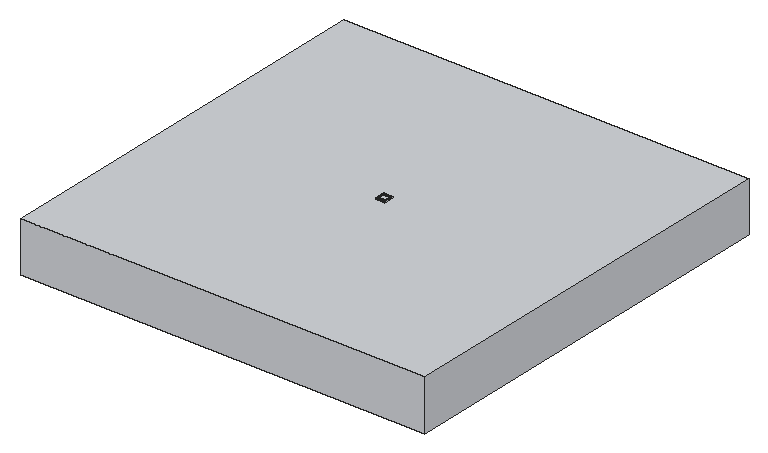
Revit family "Gira_264803", category Allgemeines Modell, Revit 2017
Family settings
  Basisbauteil = Fläche
  Kann Basisbauteil für Bewehrung sein = Nein
  Bemaßung runder Anschluss = Durchmesser verwenden
  Teiletyp = Normal
  Beim Laden mit Abzugskörper schneiden = Nein
  Gemeinsam genutzt = Nein
  Raumberechnungspunkt = Nein
Parameters
  With strain relief = no
  With imprint = no
  With hinged lid = no
  With dust cover = no
  Default Elevation = 1219.2 mm
  Utilization = "Other"
  URL = "https://www.gira.de/"
  Typname = "Mount.fr. System 55 p.white"
  Type of fastening = "Other"
  Transparent = no
  Surface protection = "Other"
  Surface finishing = "Glossy"
  Support ring = no
  Suitable for degree of protection (IP) = "IP20"
  RAL-number (akin) = 9010
  Productwebsite = "http://katalog.gira.de/en/datenblatt.html?artikelnr=264803"
  Mounting method = "Other"
  Material quality = "Thermoplastic"
  Material = "Plastic"
  Luster terminal = no
  Imprintable label = "Without indication field"
  Hersteller = "Gira"
  Halogen free = yes
  HAN = "264803"
  GTIN = "4010337463511"
  Data sheet = "https://katalog.gira.de/en/download.html?artikelnr=264803"
  Colour = "White"
  Beschreibung = "Mount.fr. Sys55 PW,Mounting frame,,pure white glossy,"
  BIM = "https://media.stage.bim.site/public/gira/ad86d9f/SYS55_Montagerahmen.rfa"
  Assembly arrangement = "Central cover plate"
Reference planes
  plane 1 "Center (Front/Back)": y = 0
  plane 2: z = 0
  plane 3 "Center (Left/Right)": x = 0
Forms (mm)
  Extrusion 1, solid
    sketch origin (0, 0, 0) x (1, 0, 0) y (0, 1, 0)
      loop
        line (-1219.2, 1219.2) -> (-1219.2, -1219.2) -> (1219.2, -1219.2) -> (1219.2, 1219.2) -> (-1219.2, 1219.2)
    from 0 to -304.8
  Extrusion 2, solid, detail levels fine
    sketch origin (0, 0, 0) x (1, 0, 0) y (0, 1, 0)
      loop
        line (-27.81, 27.81) -> (-27.81, -27.81) -> (27.81, -27.81) -> (27.81, 27.81) -> (-27.81, 27.81)
      loop
        line (-22.126, 22.126) -> (-22.126, -22.126) -> (22.126, -22.126) -> (22.126, 22.126) -> (-22.126, 22.126)
    from 6.1 to 8.6
  Extrusion 3, solid, detail levels fine
    sketch origin (0, 0, 0) x (1, 0, 0) y (0, 1, 0)
      loop
        line (-23.75, 23.744) -> (-23.75, -23.941) -> (23.75, -23.744) -> (23.75, 23.941) -> (-23.75, 23.744)
      loop
        line (-22.126, 22.126) -> (-22.126, -22.126) -> (22.126, -22.126) -> (22.126, 22.126) -> (-22.126, 22.126)
    from 2.7 to 6.1
  Extrusion 4, solid, detail levels fine
    sketch origin (0, 0, 0) x (1, 0, 0) y (0, 1, 0)
      loop
        line (27.81, 27.81) -> (-27.81, 27.81) -> (-27.81, -27.81) -> (27.81, -27.81) -> (27.81, 27.81)
      loop
        line (26.01, 26.01) -> (-26.01, 26.01) -> (-26.01, -26.01) -> (26.01, -26.01) -> (26.01, 26.01)
    from 0 to 6.1
  Extrusion 5, solid, detail levels coarse
    sketch origin (0, 0, 0) x (1, 0, 0) y (0, 1, 0)
      loop
        line (27.81, 27.81) -> (-27.81, 27.81) -> (-27.81, -27.81) -> (27.81, -27.81) -> (27.81, 27.81)
    from 0 to 8.6
  Extrusion 6, solid, detail levels medium
    sketch origin (0, 0, 0) x (1, 0, 0) y (0, 1, 0)
      loop
        line (27.81, 27.81) -> (-27.81, 27.81) -> (-27.81, -27.81) -> (27.81, -27.81) -> (27.81, 27.81)
      loop
        line (-22.126, -22.126) -> (22.126, -22.126) -> (22.126, 22.126) -> (-22.126, 22.126) -> (-22.126, -22.126)
    from 0 to 8.6
Dimensions and locks
  aligned and locked: plane 2 to Extrusion 1
  aligned and locked: level to Extrusion 1
